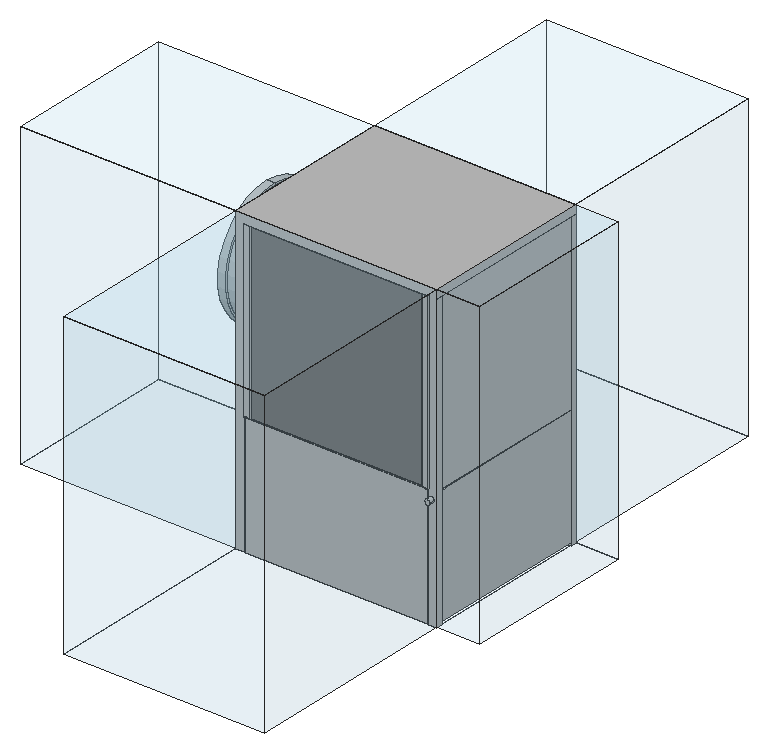
Revit family "VIESSMANN - Energycal AW Pro AT", category Wyposażenie mechaniczne, Revit 2017
Family settings
  Wymiar okrągłego złącza = Użyj średnicy
  Typ części = Normalny
  Numer OmniClass = 23.75.10.21.11
  Tytuł OmniClass = Air-Source Heat Pumps
  Oparty na płaszczyźnie roboczej = Nie
  Zawsze pionowo = Tak
  Tnij formami wycięć po wczytaniu = Nie
  Współdzielony = Nie
  Punkt obliczania pomieszczeń = Nie
Parameters (values of type "Wielkość jednostki - 50")
  Średnica2 = 2"  # constant formula
  Średnica1 = 1 1/2"  # constant formula
  Zasilanie opcjonalne (V/ph/Hz) = "230/1~/50"
  Zasilanie elektryczne (V/ph/Hz) = "400/3~/50"
  Wysokość całkowita = 2390 mm
  Viessmann Kolor 2 = Viessmann Kolor 3
  Viessmann Kolor 1 = Viessmann Kolor 2
  Strefa serwisowa - wyrzut górny [instance] = not([Strefa serwisowa - wyrzut boczny])  # no
  Strefa serwisowa - wyrzut boczny [instance] = yes
  Współczynnik wydajności [COP] (A7W35) = 4.14
  Współczynnik mocy = 1
  Użyteczna wysokość podnoszenia pompy = 167.0 kPa
  URL = "https://www.viessmann-projektant.pl/baza-urzadzen/pompy-ciepla-powietrzewoda-agregaty-wl-50-kw/energycal"
  Typ wymiennika po stronie użytkowej = "Płytowy"
  Typ wentylatora = "Osiowy"
  Typ sprężarki = "Spiralna"
  Typ [instance] = AW PRO AT_wyrzut boczny : AW PRO AT wyrzut boczny
  Szerokość całkowita = 1791 mm
  Strefa serwisowa [instance] = yes
  Stopień wydajności = "0-50-100%"
  Spadek ciśnienia wody (A7W35) = 30.0 kPa
  Prąd nominalny wentylatora = 3.9 A
  Prąd nominalny silnika pompy obiegowej = 2.7 A
  Przepływ powietrza = 17000.0 m³/h
  Producent = "Viessmann Sp. z o.o"  # constant formula
  Poziom mocy akustycznej dB(A) = 83 mm
  Poziom mocy akustycznej - wersja super cicha SLN dB(A) = 78 mm
  Poziom mocy akustycznej - wersja cicha LN dB(A) = 81 mm
  Poziom ciśnienia akustycznego dB(A) = 55 mm
  Poziom ciśnienia akustycznego - wersja super cicha SLN dB(A) = 50 mm
  Poziom ciśnienia akustycznego - wersja cicha LN dB(A) = 53 mm
  Pojemność wodna = 5.20 L
  Pobór mocy elektrycznej (A7W35) = 9.7 kW
  Opis = "Energycal AW Pro AT jest kompletną, dedykowaną serią rewersyjnych dwustopniowych pomp ciepła powietrze-woda, o zakresie mocy od 40 do 74 kW, wykorzystującą czynnik chłodniczy (R410A)."  # constant formula
  Obciążenie pozorne = Maksymalna moc pobierania / Współczynnik mocy  # 20200 VA
  Nominalna wydajność grzewcza (A7W35) = 40.2 kW
  Natężenie przepływu wody (A7W35) l/h = 6948
  Natężenie przepływu wody (A7W35) = [Natężenie przepływu wody (A7W35) l/h] / 3600 * 1.0 L/s  # 1.93 L/s
  Napięcie zasilania = 400 V  # constant formula
  Model pompy = "P1"
  Model = "Powietrzna pompa ciepła Energycal AW PRO AT / Air-water heat pump Energycal AW PRO AT "  # constant formula
  Moc nominalna wentylatora = 1.7 kW
  Moc nominalna silnika pompy obiegowej = 1.4 kW
  Maksymalny prąd rozruchowy z układem Soft-Starter = 81 A
  Maksymalny prąd rozruchowy (z pompą obiegową) = 124 A
  Maksymalny prąd rozruchowy (z pompą obiegową i funkcją Soft-Starter) = 83 A
  Maksymalny prąd rozruchowy = 121 A
  Maksymalny pobór prądu (z pompą obiegową) = 38.6 A
  Maksymalny pobór prądu = 35.9 A
  Maksymalna moc pobierania (z pompą obiegową) = 21.6 kW
  Maksymalna moc pobierania = 20.2 kW
  Liczba wymienników = 1
  Liczba wentylatorów = 1
  Liczba biegunów = 3  # constant formula
  Klasa efektywności praca niskotemperaturowa (A7W35) = "A"
  Ilość/Obiegi chłodnicze sprężarki (nr/nr) = "2/1"  # constant formula
  Długość całkowita = 1403 mm  # constant formula
  Częstotliwość = 50 Hz  # constant formula
  Ciężar = 575.00 kg
  Całkowite napełnienie olejem = 3.80 kg
  Całkowite napełnienie czynnikiem chłodniczym = 14.00 kg
  Bufor przód [instance] = if(and(Strefa serwisowa, [Strefa serwisowa - wyrzut boczny]), 1500 mm, 300 mm)  # 1500 mm
  Autor = "www.archispace.pl"
Types (6, lengths in mm): name | Współczynnik wydajności [COP] (A7W35) | Użyteczna wysokość podnoszenia pompy | Typ | Spadek ciśnienia wody (A7W35) | Przepływ powietrza | Poziom mocy akustycznej dB(A) | Poziom mocy akustycznej - wersja super cicha SLN dB(A) | Poziom mocy akustycznej - wersja cicha LN dB(A) | Poziom ciśnienia akustycznego dB(A) | Poziom ciśnienia akustycznego - wersja super cicha SLN dB(A) | Poziom ciśnienia akustycznego - wersja cicha LN dB(A) | Pojemność wodna | Pobór mocy elektrycznej (A7W35) | Obciążenie pozorne | Nominalna wydajność grzewcza (A7W35) | Natężenie przepływu wody (A7W35) l/h | Natężenie przepływu wody (A7W35) | Maksymalny prąd rozruchowy z układem Soft-Starter | Maksymalny prąd rozruchowy (z pompą obiegową) | Maksymalny prąd rozruchowy (z pompą obiegową i funkcją Soft-Starter) | Maksymalny prąd rozruchowy | Maksymalny pobór prądu (z pompą obiegową) | Maksymalny pobór prądu | Maksymalna moc pobierania (z pompą obiegową) | Maksymalna moc pobierania | Ciężar | Całkowite napełnienie olejem | Całkowite napełnienie czynnikiem chłodniczym
  (no name) | 4.14 | 167.0 kPa | AW PRO AT_wyrzut boczny : AW PRO AT wyrzut boczny | 30.0 kPa | 17000.0 m³/h | 83 | 78 | 81 | 55 | 50 | 53 | 5.20 L | 9.7 kW | 20200 VA | 40.2 kW | 6948 | 1.93 L/s | 81 A | 124 A | 83 A | 121 A | 38.6 A | 35.9 A | 21.6 kW | 20.2 kW | 575.00 kg | 3.80 kg | 14.00 kg
  Wielkość jednostki - 50 | 4.14 | 167.0 kPa | AW PRO AT_wyrzut boczny : AW PRO AT wyrzut boczny | 30.0 kPa | 17000.0 m³/h | 83 | 78 | 81 | 55 | 50 | 53 | 5.20 L | 9.7 kW | 20200 VA | 40.2 kW | 6948 | 1.93 L/s | 81 A | 124 A | 83 A | 121 A | 38.6 A | 35.9 A | 21.6 kW | 20.2 kW | 575.00 kg | 3.80 kg | 14.00 kg
  Wielkość jednostki - 60 | 4.26 | 160.0 kPa | AW PRO AT : AW PRO AT | 33.0 kPa | 18500.0 m³/h | 83 | 78 | 81 | 55 | 50 | 53 | 6.50 L | 11.5 kW | 23800 VA | 48.9 kW | 8461 | 2.35028 L/s | 103 A | 153 A | 101 A | 151 A | 43.8 A | 41.1 A | 25.2 kW | 23.8 kW | 592.00 kg | 6.80 kg | 18.00 kg
  Wielkość jednostki - 70 | 4.12 | 159.0 kPa | AW PRO AT : AW PRO AT | 31.0 kPa | 18500.0 m³/h | 84 | 79 | 82 | 56 | 51 | 54 | 7.80 L | 13.3 kW | 27700 VA | 54.8 kW | 9475 | 2.63194 L/s | 98 A | 146 A | 96 A | 143 A | 48.6 A | 45.9 A | 29.1 kW | 27.7 kW | 602.00 kg | 6.80 kg | 19.00 kg
  Wielkość jednostki - 80 | 4.19 | 146.0 kPa | AW PRO AT : AW PRO AT | 35.0 kPa | 21000.0 m³/h | 85 | 0 | 83 | 57 | 0 | 55 | 9.10 L | 16.1 kW | 32400 VA | 67.7 kW | 11694 | 3.24833 L/s | 116 A | 173 A | 114 A | 170 A | 58.6 A | 55.9 A | 33.8 kW | 32.4 kW | 620.00 kg | 6.80 kg | 23.00 kg
  Wielkość jednostki - 90 | 4.12 | 142.0 kPa | AW PRO AT_wyrzut boczny : AW PRO AT wyrzut boczny | 34.0 kPa | 21000.0 m³/h | 85 | 0 | 83 | 57 | 0 | 55 | 10.40 L | 17.8 kW | 38100 VA | 74 kW | 12794 | 3.55389 L/s | 145 A | 216 A | 143 A | 213 A | 77.4 A | 74.7 A | 39.5 kW | 38.1 kW | 631.00 kg | 6.80 kg | 23.00 kg
Reference planes
  plane 1 "Środek (Przód/Tył)": y = -10
  plane 2: z = 0
  plane 3 "Środek (Lewa/Prawa)": x = 0
  plane 4: x = -711.16
  plane 5: x = 691.84
  plane 6: x = -2211.16
  plane 7: x = 991.84
  plane 8: y = 1458
  plane 9: y = -2750
  plane 10: y = -42
  plane 11: y = -1250
Forms (mm)
  Extrusion 1, solid, not visible
    sketch origin (0, -10, 0) x (1, 0, 0) y (0, 0, 1)
      loop
        circle (-19.081, 681.464) r 40
      loop
        circle (-22.076, 552.701) r 40
    from 1200 to 1240
  Extrusion 2, solid, material "Viessmann Strefy Serwisowe", visible <- "Strefa serwisowa"
    sketch origin (0, 0, 0) x (1, 0, 0) y (0, 1, 0)
      loop
        line (-2211.16, -42) -> (-2211.16, -1250) -> (-711.16, -1250) -> (-711.16, -42) -> (-2211.16, -42)
      loop
        line (691.84, -42) -> (691.84, -1250) -> (991.84, -1250) -> (991.84, -42) -> (691.84, -42)
    from 0 to 2108
  Extrusion 3, solid, material "Viessmann Strefy Serwisowe", visible <- "Strefa serwisowa"
    sketch origin (0, 0, 0) x (1, 0, 0) y (0, 1, 0)
      loop
        line (-711.16, 1458) -> (-711.16, -42) -> (691.84, -42) -> (691.84, 1458) -> (-711.16, 1458)
      loop
        line (-708.66, -1250) -> (-708.66, -2750) -> (691.84, -2750) -> (691.84, -1250) -> (-708.66, -1250)
    from 0 to 2108
Dimensions and locks
  "Długość całkowita": plane 4 to plane 5
  locked: plane 5 to plane 7 at 300
  "Bufor przód": plane 6 to plane 4
  locked: plane 10 to plane 11 at 1208
  locked: plane 8 to plane 10 at 1500
  locked: plane 9 to plane 11 at 1500
  aligned and locked: level to plane 2
  aligned and locked: nested 1 to plane 1 "Środek (Przód/Tył)"
  aligned and locked: plane 1 "Środek (Przód/Tył)" to nested 1
  aligned and locked: plane 4 to Extrusion 2
  aligned and locked: Extrusion 2 to plane 6  (x2)
  aligned and locked: Extrusion 2 to plane 5
  aligned and locked: plane 7 to Extrusion 2
  aligned and locked: Extrusion 3 to plane 9
  aligned and locked: plane 8 to Extrusion 3
  aligned and locked: Extrusion 3 to plane 10
Automatic sketch dimensions
  Extrusion 1 sketch curve to plane 3 "Środek (Lewa/Prawa)" = 22.076 mm
  Extrusion 1 sketch curve to plane 3 "Środek (Lewa/Prawa)" = 19.081 mm
  level to Extrusion 1 sketch curve = 552.701 mm
  Extrusion 1 sketch curve to Extrusion 1 sketch curve = 128.762 mm
  plane 1 "Środek (Przód/Tył)" to Extrusion 2 sketch curve = 32 mm  (x2)
  plane 6 to Extrusion 2 sketch curve = 0 mm
  plane 4 to Extrusion 2 sketch curve = 0 mm
  Extrusion 2 sketch curve to plane 5 = 0 mm
  Extrusion 2 sketch curve to plane 7 = 0 mm
  plane 1 "Środek (Przód/Tył)" to Extrusion 2 sketch curve = 1240 mm  (x2)
  plane 1 "Środek (Przód/Tył)" to Extrusion 3 sketch curve = 32 mm
  Extrusion 3 sketch curve to plane 4 = 0 mm
  Extrusion 3 sketch curve to plane 5 = 0 mm  (x2)
  plane 4 to Extrusion 3 sketch curve = 2.5 mm
  plane 1 "Środek (Przód/Tył)" to Extrusion 3 sketch curve = 1240 mm
  Extrusion 3 sketch curve to Extrusion 3 sketch curve = 1500 mm
  Extrusion 3 sketch curve to plane 1 "Środek (Przód/Tył)" = 1468 mm
  radius of Extrusion 1 sketch curve = 40 mm  (x2)
Nested families
  nested 1: "AW PRO AT_wyrzut boczny" at (-741.16, -646, 0) x (0, 1, 0) z (0, 0, 1), type <- "Typ", type "AW PRO AT wyrzut boczny"
Connectors
  piping at (-459.16, -32, 728), diameter 38.1, driven by "Średnica1", driven by "Natężenie przepływu wody (A7W35)"
    settings: on nested 1, index 1, connector inside diameter 24", connector length 0 mm, flow factor 0, pipe flow 1.93 L/s, pressure drop 0.0 kPa, fitting loss kfactor 0, connector angle 0.00°, fixture units 0, engagement length 0 mm, angle of deflection 0.00°, flow configuration 1, flow direction 1, fitting loss method 0, system type 8, joint type 0, gender type 0, connector reference index -1, connector utility 0, adjustable connector no, is connector primary yes, connector description ""
  piping at (-349.16, -32, 179), diameter 50.8, driven by "Średnica2", driven by "Natężenie przepływu wody (A7W35)"
    settings: on nested 1, index 2, connector inside diameter 24", connector length 0 mm, flow factor 0, pipe flow 1.93 L/s, pressure drop 0.0 kPa, fitting loss kfactor 0, connector angle 0.00°, fixture units 0, engagement length 0 mm, angle of deflection 0.00°, flow configuration 1, flow direction 2, fitting loss method 0, system type 7, joint type 0, gender type 0, connector reference index -1, connector utility 0, adjustable connector no, is connector primary no, connector description ""
  piping at (-459.16, -32, 258), diameter 38.1, driven by "Średnica1", driven by "Natężenie przepływu wody (A7W35)"
    settings: on nested 1, index 3, connector inside diameter 24", connector length 0 mm, flow factor 0, pipe flow 1.93 L/s, pressure drop 0.0 kPa, fitting loss kfactor 0, connector angle 0.00°, fixture units 0, engagement length 0 mm, angle of deflection 0.00°, flow configuration 1, flow direction 2, fitting loss method 0, system type 7, joint type 0, gender type 0, connector reference index -1, connector utility 0, adjustable connector no, is connector primary no, connector description ""
  electrical at (-19.081, -1250, 681.464)
    settings: on Extrusion 1, index 4, voltage 0 V, apparent load 0 VA, apparent load phase1 0 VA, apparent load phase2 0 VA, apparent load phase3 0 VA, power factor 1, load classification "Inne", number of poles 1, system type 13, power factor state 1, is connector primary yes, connector utility no, sub classification motor no, connector description ""
  electrical at (-22.076, -1250, 552.701), driven by "Napięcie zasilania", driven by "Współczynnik mocy", driven by "Obciążenie pozorne", driven by "Liczba biegunów", driven by "Obciążenie pozorne"
    settings: on Extrusion 1, index 5, voltage 400 V, apparent load 20200 VA, apparent load phase1 20200 VA, apparent load phase2 0 VA, apparent load phase3 0 VA, power factor 1, load classification "Moc", number of poles 3, system type 30, power factor state 1, is connector primary no, connector utility no, sub classification motor no, connector description ""
Definition of nested family "AW PRO AT_wyrzut boczny"
  Parameters (values of type "AW PRO AT wyrzut boczny")
    Wysokość = 2108 mm
    URL = ""
    Szerokość = 1688 mm
    Spust kondensatu (średnica) = 17.5 mm
    Manufacturer = ""
    Podłączenie C Rin wysokość = 179 mm
    Podłączenie C Rin odsunięcie = 695 mm
    Podłączenie B Uin wysokość = 179 mm
    Podłączenie A,C Rout wysokość = 728 mm
    Podłączenie A,C Rout odsunięcie = 585 mm
    Podłączenie A,B Uout wysokość = 728 mm
    Podłączenie A,B Uout odsunięcie = 252 mm
    Podłączenie A Uin wysokość = 258 mm
    Podłączenie A Uin odsunięcie = 252 mm
    Podłączenie A Rin wysokość = 258 mm
    Podłączenie A Rin odsunięcie = 585 mm
    Description = ""
    Podłączenie B Uin odsunięcie = 362 mm
    Model = ""
    Materiał2 = none
    Materiał = none
    Długość = 1203 mm
    DWS = no
  Reference planes
    plane 1 "Środek (Przód/Tył)": y = -30
    plane 2: z = 0
    plane 3 "Środek (Lewa/Prawa)": x = 0
    plane 4: y = -1433
    plane 5: y = -1433
    plane 6: z = 2108
    plane 7: x = 604
    plane 8: x = -604
    plane 9: x = -564
    plane 10: x = 564
    plane 11: x = 614
    plane 12: y = 255
  Forms (mm)
    Extrusion 1, solid, material <- "Materiał", detail levels fine
      sketch origin (0, -734, 0) x (1, 0, 0) y (0, 1, 0)
        loop
          line (-604, 704) -> (-604, -699) -> (604, -699) -> (604, 704) -> (-604, 704)
      from 0 to 2108
    Extrusion 2, void
      sketch origin (0, -734, 0) x (1, 0, 0) y (0, 1, 0)
        loop
          line (-564, 704) -> (-564, -699) -> (564, -699) -> (564, 704) -> (-564, 704)
      from 0 to 20
    Extrusion 3, void
      sketch origin (0, 0, 0) x (0, 1, 0) y (0, 0, 1)
        loop
          line (-90, 2048) -> (-1373, 2048) -> (-1373, 850) -> (-90, 850) -> (-90, 2048)
      from -604 to -564
    Extrusion 4, void
      sketch origin (0, 0, 0) x (0, 1, 0) y (0, 0, -1)
        loop
          line (-90, -2011.294) -> (-90, -850) -> (-1373, -850) -> (-1373, -2011.294) -> (-90, -2011.294)
      from -604 to -564
    Extrusion 5, solid, material <- "Materiał2", detail levels fine
      sketch origin (-260, 0, 0) x (0, 1, 0) y (0, 0, 1)
        loop
          line (-135, 2048) -> (-1328, 2048) -> (-1328, 850) -> (-135, 850) -> (-135, 2048)
      from -344 to -304
    Extrusion 6, solid, material <- "Materiał2", detail levels fine
      sketch origin (300, 0, 0) x (0, 1, 0) y (0, 0, -1)
        loop
          line (-90, -2011.294) -> (-90, -850) -> (-1373, -850) -> (-1373, -2011.294) -> (-90, -2011.294)
      from -304 to -264
    Revolve 7, solid, material <- "Materiał", detail levels fine
      sketch origin (0, 602.897, -243.586) x (0, 1, 0) y (0, 0, 1)
        loop
          line (-632.897, 1755.586) -> (-632.897, 1276.06)
          arc (-632.897, 1276.06) -> (-611.63, 1317.799) -> (-567.897, 1334.586) r 65.358
          line (-567.897, 1334.586) -> (-422.897, 1334.586) -> (-422.897, 1324.586) -> (-368.945, 1324.586)
          arc (-368.945, 1324.586) -> (-354.039, 1539.84) -> (-350.897, 1755.586) r 3954.249
          line (-350.897, 1755.586) -> (-632.897, 1755.586)
        axis (-350.897, 1755.586) -> (-632.897, 1755.586)
      angle from 0 to 360
    Extrusion 8, solid, material <- "Materiał"
      sketch origin (0, 0, 0) x (0, 1, 0) y (0, 0, 1)
        loop
          circle (-392, 179) r 50
      from 604 to 614
    Extrusion 9, solid, material <- "Materiał"
      sketch origin (0, 0, 0) x (0, 1, 0) y (0, 0, 1)
        loop
          circle (-282, 258) r 40
      from 604 to 614
    Extrusion 10, solid, material <- "Materiał"
      sketch origin (0, 0, 380) x (0, 1, 0) y (0, 0, 1)
        loop
          circle (-282, 348) r 40
      from 604 to 614
    Extrusion 11, solid, material <- "Materiał", detail levels fine
      sketch origin (0, 0, 0) x (0, 1, 0) y (0, 0, 1)
        loop
          circle (-69.847, 784.39) r 17.5
      from 604 to 636
    Extrusion 12, solid, material <- "Materiał", detail levels fine
      sketch origin (0, -1463, 0) x (0, -1, 0) y (0, 0, -1)
        loop
          circle (-69.847, -784.39) r 17.5
      from -635.999 to -604
    Extrusion 13, solid, material <- "Materiał", detail levels coarse
      sketch origin (0, 0, 0) x (1, 0, 0) y (0, 1, 0)
        loop
          line (-604, -30) -> (-604, -1433) -> (604, -1433) -> (604, -30) -> (-604, -30)
      from 0 to 2108
    Extrusion 14, solid, material <- "Materiał", detail levels fine
      sketch origin (0, 0, 0) x (1, 0, 0) y (0, 1, 0)
        loop
          line (604, -1328) -> (604, -1373) -> (609, -1373) -> (609, -1328) -> (604, -1328)
        loop
          line (604, -135) -> (609, -135) -> (609, -90) -> (604, -90) -> (604, -135)
      from 850 to 2011.294
    Extrusion 15, solid, material <- "Materiał", detail levels fine
      sketch origin (0, -30, 0) x (1, 0, 0) y (0, 0, 1)
        loop
          line (604, 850) -> (604, 847.008) -> (612, 847.008) -> (612, 850) -> (604, 850)
      from 60 to 1343
    Extrusion 16, solid, material <- "Materiał", detail levels fine
      sketch origin (0, 0, 0) x (-1, 0, 0) y (0, -1, 0)
        loop
          line (604, 135) -> (604, 90) -> (609, 90) -> (609, 135) -> (604, 135)
        loop
          line (604, 1328) -> (609, 1328) -> (609, 1373) -> (604, 1373) -> (604, 1328)
      from 850 to 2048
    Extrusion 17, solid, material <- "Materiał", detail levels fine
      sketch origin (0, -30, 0) x (-1, 0, 0) y (0, 0, -1)
        loop
          line (604, -850) -> (611.979, -850) -> (611.979, -847.008) -> (604, -847.008) -> (604, -850)
      from 60 to 1343
    Extrusion 18, void
      sketch origin (0, 0, 0) x (1, 0, 0) y (0, 1, 0)
        loop
          line (-604, -89.997) -> (-604, -96.997) -> (-601.528, -96.997) -> (-601.528, -89.997) -> (-604, -89.997)
        loop
          line (-604, -1373) -> (-601.528, -1373) -> (-601.528, -1366) -> (-604, -1366) -> (-604, -1373)
      from 0 to 850
    Extrusion 19, void
      sketch origin (0, 0, 0) x (-1, 0, 0) y (0, -1, 0)
        loop
          line (-604, 90) -> (-601.528, 90) -> (-601.528, 97.17) -> (-604, 97.17) -> (-604, 90)
        loop
          line (-604, 1373) -> (-604, 1365.83) -> (-601.528, 1365.83) -> (-601.528, 1373) -> (-604, 1373)
      from 40 to 850
    Extrusion 20, solid, material <- "Materiał", detail levels medium
      sketch origin (0, -30, 0) x (1, 0, 0) y (0, 0, 1)
        loop
          line (-604, 2108) -> (-604, 0) -> (604, 0) -> (604, 2108) -> (-604, 2108)
      from 0 to 1403
    Revolve 21, solid, material <- "Materiał", detail levels medium
      sketch origin (0, 0, 0) x (0, 1, 0) y (0, 0, 1)
        loop
          line (-30, 1512) -> (252, 1512) -> (252, 1943) -> (23.894, 1943) -> (-30, 1991.526) -> (-30, 1512)
        axis (252, 1512) -> (-30, 1512)
      angle from 0 to 360
    Extrusion 22, solid, material <- "Materiał", visible <- "DWS"
      sketch origin (0, -380, 0) x (0, 1, 0) y (0, 0, 1)
        loop
          circle (-345, 179) r 50
      from 604 to 614
    Extrusion 23, solid, material <- "Materiał", visible <- "DWS"
      sketch origin (0, -380, 0) x (0, 1, 0) y (0, 0, 1)
        loop
          circle (-235, 258) r 40
      from 604 to 614
    Extrusion 24, solid, material <- "Materiał", visible <- "DWS"
      sketch origin (0, -380, 380) x (0, 1, 0) y (0, 0, 1)
        loop
          circle (-235, 348) r 40
      from 604 to 614
    Extrusion 25, void
      sketch origin (0, -30, 0) x (1, 0, 0) y (0, 0, 1)
        loop
          line (-564, 0) -> (-557, 0) -> (-557, 843) -> (557, 843) -> (557, 0) -> (564, 0) -> (564, 2047.991) -> (604, 2047.991) -> (604, 2054.991) -> (-604, 2054.991) -> (-604, 2047.991) -> (-564, 2047.991) -> (-564, 0)
        loop
          line (557, 2047.991) -> (-557, 2047.991) -> (-557, 850) -> (557, 850) -> (557, 2047.991)
      from 0 to 2.5
    Extrusion 26, void
      sketch origin (0, -1433, 0) x (1, 0, 0) y (0, 0, -1)
        loop
          line (-564, 0) -> (-564, -2047.991) -> (-604, -2047.991) -> (-604, -2054.991) -> (604, -2054.991) -> (604, -2047.991) -> (564, -2047.991) -> (564, 0) -> (557, 0) -> (557, -843) -> (-557, -843) -> (-557, 0) -> (-564, 0)
        loop
          line (557, -2047.991) -> (557, -850) -> (-557, -850) -> (-557, -2047.991) -> (557, -2047.991)
      from 0 to 2.5
    Extrusion 27, solid, material <- "Materiał", detail levels coarse
      sketch origin (0, -30, 0) x (1, 0, 0) y (0, 0, 1)
        loop
          circle (0, 1512) r 479.526
      from -282 to 0
  Cuts and joins
    Extrusion 2, Extrusion 3, Extrusion 4, Extrusion 18, Extrusion 19, Extrusion 25, Extrusion 26 cuts Extrusion 1
    Extrusion 19, Extrusion 26 cuts Revolve 7
    Extrusion 19, Extrusion 26 cuts Extrusion 14
    Extrusion 19, Extrusion 26 cuts Extrusion 15
    Extrusion 19, Extrusion 26 cuts Extrusion 16
    Extrusion 19, Extrusion 26 cuts Extrusion 17
    joined: Extrusion 1, Revolve 7, Extrusion 14, Extrusion 15, Extrusion 16, Extrusion 17
    Extrusion 26 cuts Revolve 21
    joined: Extrusion 20, Revolve 21
    joined: Extrusion 13, Extrusion 27
  Dimensions and locks
    equal spacing: plane 8, plane 3 "Środek (Lewa/Prawa)", plane 7
    plane 8 to plane 7 = 1208 mm
    Extrusion 3 sketch curve to level = 850 mm
    locked: plane 1 "Środek (Przód/Tył)" to Extrusion 3 sketch curve at 60
    locked: plane 6 to Extrusion 3 sketch curve at 60
    Extrusion 3 sketch curve to plane 5 = 60 mm
    locked: plane 8 to plane 9 at 40
    locked: plane 10 to plane 7 at 40
    "Podłączenie B Uin wysokość": Extrusion 8 sketch curve to level
    "Podłączenie A Uin odsunięcie": Extrusion 9 sketch curve to plane 1 "Środek (Przód/Tył)"
    "Podłączenie A Uin wysokość": Extrusion 9 sketch curve to level
    "Podłączenie B Uin odsunięcie": Extrusion 8 sketch curve to plane 1 "Środek (Przód/Tył)"
    "Podłączenie A,B Uout odsunięcie": Extrusion 10 sketch curve to plane 1 "Środek (Przód/Tył)"
    "Podłączenie A,B Uout wysokość": Extrusion 10 sketch curve to level
    locked: plane 7 to plane 11 at 10
    "Podłączenie A Rin wysokość": Extrusion 23 sketch curve to level
    "Podłączenie A Rin odsunięcie": Extrusion 23 sketch curve to plane 1 "Środek (Przód/Tył)"
    "Podłączenie C Rin wysokość": Extrusion 22 sketch curve to level
    "Podłączenie C Rin odsunięcie": Extrusion 22 sketch curve to plane 1 "Środek (Przód/Tył)"
    "Podłączenie A,C Rout odsunięcie": Extrusion 24 sketch curve to plane 1 "Środek (Przód/Tył)"
    "Podłączenie A,C Rout wysokość": Extrusion 24 sketch curve to level
    plane 6 to Revolve 7 sketch curve = 596 mm
    "Wysokość": plane 6 to level
    "Szerokość": plane 12 to plane 5
    locked: plane 1 "Środek (Przód/Tył)" to plane 5 at 1403
    "Spust kondensatu (średnica)": radius of Extrusion 11 sketch curve
    "Spust kondensatu (średnica)": radius of Extrusion 12 sketch curve
    aligned and locked: level to plane 2
    aligned and locked: cut or joined group 1 (Extrusion 1, Extrusion 2, Extrusion 3, Extrusion 4, Revolve 7, Extrusion 14, Extrusion 15, Extrusion 16, Extrusion 17, Extrusion 18, Extrusion 19, Extrusion 25, Extrusion 26) to plane 1 "Środek (Przód/Tył)"  (x3)
    aligned and locked: Extrusion 1 to plane 1 "Środek (Przód/Tył)"
    aligned and locked: plane 5 to cut or joined group 1
    aligned and locked: plane 6 to cut or joined group 1
    aligned and locked: cut or joined group 1 to plane 8
    aligned and locked: plane 7 to cut or joined group 1
    aligned and locked: plane 9 to Extrusion 3
    aligned and locked: plane 10 to Extrusion 4
    aligned and locked: plane 8 to Extrusion 5
    aligned and locked: Extrusion 6 to plane 7
    aligned and locked: plane 7 to Extrusion 9
    aligned and locked: Extrusion 8 to Extrusion 9
    aligned and locked: Extrusion 8 to Extrusion 10
    aligned and locked: Extrusion 10 to plane 7
    aligned and locked: plane 7 to Extrusion 11
    aligned and locked: Extrusion 12 to cut or joined group 1
    aligned and locked: Extrusion 13 sketch curve to cut or joined group 1  (x4)
    aligned and locked: plane 6 to Extrusion 13
    aligned and locked: Extrusion 13 to level
    aligned and locked: cut or joined group 1 to Extrusion 15
    aligned and locked: Extrusion 15 to cut or joined group 1
    aligned and locked: Extrusion 18 to cut or joined group 1
    aligned and locked: Extrusion 5 to cut or joined group 1  (x2)
    aligned and locked: Extrusion 20 to plane 1 "Środek (Przód/Tył)"
    aligned and locked: Extrusion 20 to plane 4
    aligned and locked: Extrusion 22 to Extrusion 23
    aligned and locked: Extrusion 14 to Extrusion 4
    aligned and locked: Extrusion 6 to cut or joined group 1
    aligned and locked: Extrusion 27 to cut or joined group of Extrusion 20, Revolve 21, Extrusion 26
    aligned and locked: Extrusion 27 to cut or joined group 1
  Automatic sketch dimensions
    Extrusion 1 sketch curve to plane 4 = 0 mm
    Extrusion 1 sketch curve to plane 8 = 0 mm
    plane 1 "Środek (Przód/Tył)" to Extrusion 1 sketch curve = 0 mm
    Extrusion 1 sketch curve to plane 7 = 0 mm
    Extrusion 2 sketch curve to plane 4 = 0 mm
    Extrusion 2 sketch curve to plane 9 = 0 mm
    Extrusion 2 sketch curve to plane 10 = 0 mm
    plane 1 "Środek (Przód/Tył)" to Extrusion 2 sketch curve = 0 mm
    plane 4 to Extrusion 4 sketch curve = 60 mm
    plane 1 "Środek (Przód/Tył)" to Extrusion 4 sketch curve = 60 mm
    Extrusion 4 sketch curve to plane 6 = 96.706 mm
    level to Extrusion 4 sketch curve = 850 mm
    plane 4 to Extrusion 5 sketch curve = 105 mm
    plane 1 "Środek (Przód/Tył)" to Extrusion 5 sketch curve = 105 mm
    level to Extrusion 5 sketch curve = 850 mm
    Extrusion 5 sketch curve to plane 6 = 60 mm
    plane 4 to Extrusion 6 sketch curve = 60 mm
    plane 1 "Środek (Przód/Tył)" to Extrusion 6 sketch curve = 60 mm
    Extrusion 6 sketch curve to plane 6 = 96.706 mm
    level to Extrusion 6 sketch curve = 850 mm
    Extrusion 14 sketch curve to plane 7 = 0 mm  (x2)
    Extrusion 14 sketch curve to plane 7 = 5 mm  (x2)
    plane 4 to Extrusion 14 sketch curve = 60 mm
    Extrusion 14 sketch curve to Extrusion 14 sketch curve = 45 mm  (x2)
    plane 1 "Środek (Przód/Tył)" to Extrusion 14 sketch curve = 105 mm
    Extrusion 15 sketch curve to plane 7 = 0 mm
    Extrusion 15 sketch curve to plane 11 = 2 mm
    level to Extrusion 15 sketch curve = 847.008 mm
    Extrusion 15 sketch curve to Extrusion 15 sketch curve = 2.992 mm
    Extrusion 16 sketch curve to plane 8 = 0 mm  (x2)
    Extrusion 16 sketch curve to plane 8 = 5 mm  (x2)
    Extrusion 16 sketch curve to plane 4 = 60 mm
    Extrusion 16 sketch curve to Extrusion 16 sketch curve = 45 mm  (x2)
    Extrusion 16 sketch curve to plane 1 "Środek (Przód/Tył)" = 105 mm
    Extrusion 17 sketch curve to plane 8 = 0 mm
    Extrusion 17 sketch curve to plane 8 = 7.979 mm
    Extrusion 17 sketch curve to level = 847.008 mm
    Extrusion 17 sketch curve to Extrusion 17 sketch curve = 2.992 mm
    Extrusion 18 sketch curve to plane 8 = 0 mm  (x2)
    Extrusion 18 sketch curve to plane 8 = 2.472 mm  (x2)
    plane 4 to Extrusion 18 sketch curve = 60 mm
    Extrusion 18 sketch curve to Extrusion 18 sketch curve = 7 mm  (x2)
    plane 1 "Środek (Przód/Tył)" to Extrusion 18 sketch curve = 66.997 mm
    Extrusion 19 sketch curve to plane 7 = 0 mm  (x2)
    Extrusion 19 sketch curve to plane 7 = 2.472 mm  (x2)
    Extrusion 19 sketch curve to plane 4 = 60 mm
    Extrusion 19 sketch curve to Extrusion 19 sketch curve = 7.17 mm  (x2)
    Extrusion 19 sketch curve to plane 1 "Środek (Przód/Tył)" = 67.17 mm
    plane 8 to Extrusion 20 sketch curve = 0 mm
    plane 7 to Extrusion 20 sketch curve = 0 mm
    Extrusion 20 sketch curve to plane 6 = 0 mm
    Extrusion 25 sketch curve to plane 8 = 0 mm
    Extrusion 25 sketch curve to plane 9 = 0 mm
    Extrusion 25 sketch curve to level = 0 mm  (x2)
    Extrusion 25 sketch curve to plane 10 = 0 mm
    Extrusion 25 sketch curve to plane 7 = 0 mm
    Extrusion 25 sketch curve to Extrusion 25 sketch curve = 7 mm  (x4)
    Extrusion 25 sketch curve to plane 10 = 7 mm  (x2)
    level to Extrusion 25 sketch curve = 843 mm
    Extrusion 25 sketch curve to plane 6 = 60.009 mm
    Extrusion 25 sketch curve to Extrusion 25 sketch curve = 0 mm  (x2)
    plane 8 to Extrusion 26 sketch curve = 0 mm
    Extrusion 26 sketch curve to plane 9 = 0 mm
    Extrusion 26 sketch curve to level = 0 mm  (x2)
    Extrusion 26 sketch curve to plane 10 = 0 mm
    plane 7 to Extrusion 26 sketch curve = 0 mm
    plane 9 to Extrusion 26 sketch curve = 7 mm  (x2)
    Extrusion 26 sketch curve to plane 10 = 7 mm
    Extrusion 26 sketch curve to Extrusion 26 sketch curve = 0 mm  (x3)
    level to Extrusion 26 sketch curve = 843 mm
    Extrusion 26 sketch curve to Extrusion 26 sketch curve = 7 mm  (x2)
    Extrusion 26 sketch curve to plane 6 = 60.009 mm
    Revolve 21 sketch curve to plane 6 = 596 mm
    plane 4 to Revolve 21 sketch curve = 1403 mm
    Revolve 21 sketch curve to Revolve 21 sketch curve = 282 mm
    Revolve 21 sketch curve to Revolve 21 sketch curve = 0 mm  (x3)
    Extrusion 27 sketch curve to Extrusion 27 sketch curve = 0 mm  (x2)
    Extrusion 27 sketch curve to plane 3 "Środek (Lewa/Prawa)" = 0 mm
    Extrusion 27 sketch curve to plane 6 = 596 mm
    Extrusion 27 sketch curve to Extrusion 27 sketch curve = 479.526 mm
    Revolve 21 sketch curve to plane 1 "Środek (Przód/Tył)" = 53.894 mm
    Revolve 21 sketch curve to Revolve 21 sketch curve = 48.526 mm
    Revolve 21 sketch curve to plane 6 = 165 mm
    Revolve 7 sketch curve to plane 1 "Środek (Przód/Tył)" = 0 mm  (x2)
    Revolve 7 sketch curve to plane 6 = 646.304 mm
    Revolve 7 sketch curve to plane 4 = 2268.929 mm
    Revolve 7 sketch curve to plane 1 "Środek (Przód/Tył)" = 65 mm
    plane 12 to Revolve 7 sketch curve = 75 mm
    plane 12 to Revolve 7 sketch curve = 21.048 mm
    plane 12 to Revolve 7 sketch curve = 3 mm
    Revolve 7 sketch curve to Revolve 7 sketch curve = 421 mm
    Revolve 7 sketch curve to Revolve 7 sketch curve = 10 mm
    Revolve 7 sketch curve to Revolve 7 sketch curve = 58.526 mm
    Revolve 7 sketch curve to Revolve 7 sketch curve = 0 mm
    level to Extrusion 20 sketch curve = 0 mm
    plane 1 "Środek (Przód/Tył)" to Extrusion 11 sketch curve = 39.847 mm
    level to Extrusion 11 sketch curve = 784.39 mm
    Extrusion 12 sketch curve to plane 4 = 39.847 mm
    Extrusion 12 sketch curve to level = 784.39 mm
    radius of Extrusion 8 sketch curve = 50 mm
    radius of Extrusion 9 sketch curve = 40 mm
    radius of Extrusion 10 sketch curve = 40 mm
    radius of Extrusion 22 sketch curve = 50 mm
    radius of Extrusion 23 sketch curve = 40 mm
    radius of Extrusion 24 sketch curve = 40 mm
